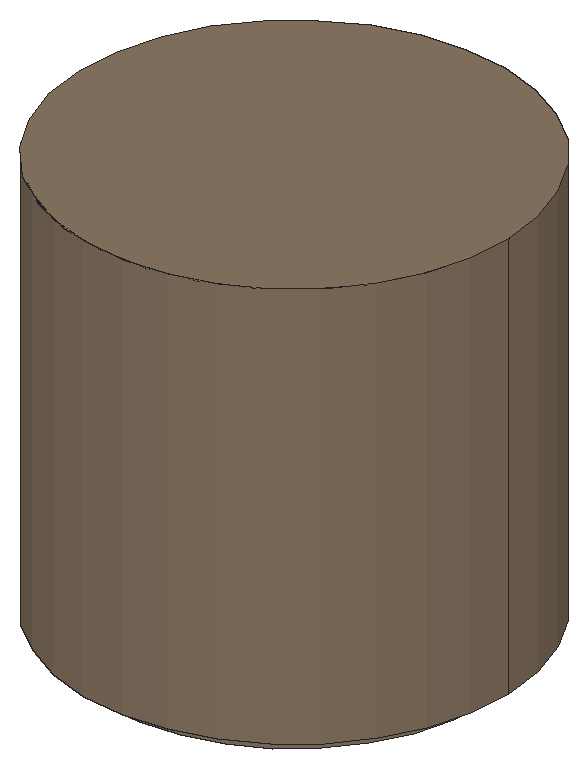
Revit family
Parameters
  URL = "http://www.martinbrattrud.com"
  Table [instance] = none
  SCS Certified Product = "Yes"
  Model = "Manele 2003-01C"
  Manufacturer = "Martin Brattrud, Inc."
  Keynote = "125000"
  Copyright = "© 2013 Martin Brattrud, Inc."
  Authoring Version = "Revit Architecture 2010"
  Assembly Code = "E2020200"
Reference planes (in)
  plane 1 "Center Front/Back": y = 0
  plane 2: z = 0
  plane 3 "Center Left/Right": x = 0
Forms (in)
  Extrusion 1, solid, material <- "Table"
    sketch origin (0, 0, 0) x (1, 0, 0) y (0, 1, 0)
      loop
        circle (0, 0) r 9
    from 0.25 to 1
  Extrusion 2, solid, material <- "Table"
    sketch origin (0, 0, 0) x (1, 0, 0) y (0, 1, 0)
      loop
        circle (0, 0) r 10
    from 1 to 20
